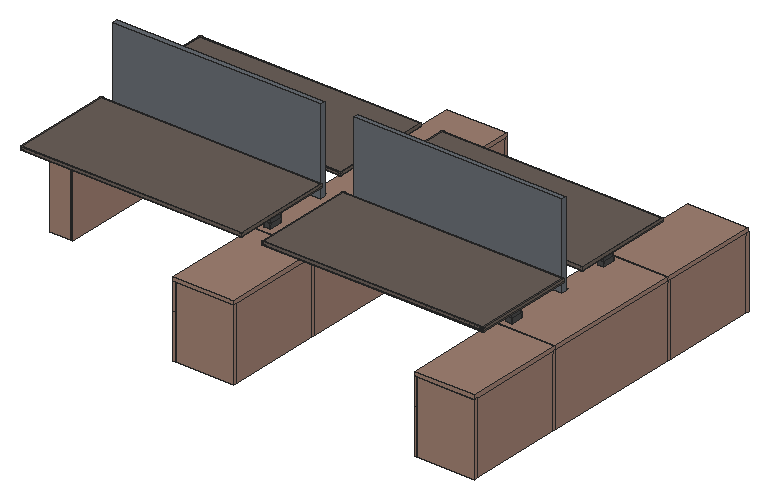
Revit family "T200195", category Furniture, Revit 2015 (continued)
Definition of nested family "STAKS HEIGHT ADJUSTABLE WORK GROUP PANEL BASE Dual User"
  Automatic sketch dimensions
    Extrusion 10 sketch curve to plane 16 = 0.125"  (x2)
    Extrusion 10 sketch curve to Extrusion 10 sketch curve = 3.50"
    Extrusion 10 sketch curve to Extrusion 10 sketch curve = 0.00"
    Extrusion 10 sketch curve to Extrusion 10 sketch curve = 0.125"
    Extrusion 11 sketch curve to plane 14 = 0.1875"
    Extrusion 11 sketch curve to plane 16 = 3.625"
    Extrusion 11 sketch curve to plane 16 = 0.1875"  (x2)
    Extrusion 11 sketch curve to plane 14 = 1.875"
    Extrusion 11 sketch curve to Extrusion 11 sketch curve = 0.0625"  (x3)
    Revolve 12 sketch curve to level = 0.00"
    plane 16 to Revolve 12 sketch curve = 0.00"
    Revolve 12 sketch curve to plane 12 = 0.00"  (x2)
    level to Revolve 12 sketch curve = 0.12502"
    Revolve 12 sketch curve to Revolve 12 sketch curve = 0.06202"
    Revolve 12 sketch curve to Revolve 12 sketch curve = 0.12498"
    Revolve 12 sketch curve to plane 16 = 0.188"  (x2)
    plane 12 to Revolve 12 sketch curve = 0.25"
    Revolve 13 sketch curve to level = 0.00"
    plane 15 to Revolve 13 sketch curve = 0.00"
    Revolve 13 sketch curve to plane 12 = 0.00"  (x2)
    level to Revolve 13 sketch curve = 0.25"
    Revolve 13 sketch curve to Revolve 13 sketch curve = 0.06202"
    Revolve 13 sketch curve to Revolve 13 sketch curve = 0.12498"
    plane 15 to Revolve 13 sketch curve = 0.188"  (x2)
    plane 12 to Revolve 13 sketch curve = 0.25"
    plane 14 to Extrusion 14 sketch curve = 0.00"
    Extrusion 14 sketch curve to plane 15 = 0.00"
    Extrusion 14 sketch curve to plane 14 = 0.125"  (x2)
    plane 15 to Extrusion 14 sketch curve = 0.125"
    Extrusion 14 sketch curve to Extrusion 14 sketch curve = 3.50"
    Extrusion 14 sketch curve to Extrusion 14 sketch curve = 0.00"
    Extrusion 14 sketch curve to Extrusion 14 sketch curve = 1.75"
    Extrusion 15 sketch curve to plane 14 = 0.1875"
    plane 15 to Extrusion 15 sketch curve = 3.625"
    Extrusion 15 sketch curve to plane 14 = 0.125"
    Extrusion 15 sketch curve to Extrusion 15 sketch curve = 0.0625"  (x2)
    plane 15 to Extrusion 15 sketch curve = 0.1875"  (x2)
    Extrusion 15 sketch curve to Extrusion 15 sketch curve = 1.625"
    Extrusion 16 sketch curve to plane 16 = 0.00"  (x2)
    plane 17 to Extrusion 16 sketch curve = 3.375"
    Extrusion 16 sketch curve to Extrusion 16 sketch curve = 0.125"  (x2)
    Extrusion 16 sketch curve to plane 14 = 2.125"
    Extrusion 16 sketch curve to Extrusion 16 sketch curve = 3.75"
    Extrusion 16 sketch curve to plane 16 = 3.75"
    Blend 17 sketch curve to plane 16 = 0.125"
    plane 17 to Blend 17 sketch curve = 2.125"
    Blend 17 sketch curve to Blend 17 sketch curve = 0.125"  (x4)
    Blend 17 sketch curve to Blend 17 sketch curve = 3.25"
    Blend 17 sketch curve to Blend 17 sketch curve = 0.00"
    Blend 17 sketch curve to plane 14 = 1.75"
    Blend 17 sketch curve to plane 16 = 0.00"  (x2)
    plane 17 to Blend 17 sketch curve = 3.375"
    plane 16 to Blend 17 sketch curve = 0.125"
    Blend 17 sketch curve to Blend 17 sketch curve = 3.75"
    Blend 17 sketch curve to plane 16 = 3.75"
    Blend 17 sketch curve to plane 14 = 2.00"
    Extrusion 18 sketch curve to plane 15 = 0.00"  (x2)
    Extrusion 18 sketch curve to plane 17 = 3.375"
    Extrusion 18 sketch curve to Extrusion 18 sketch curve = 0.125"  (x2)
    plane 14 to Extrusion 18 sketch curve = 2.125"
    Extrusion 18 sketch curve to plane 15 = 3.75"  (x2)
    Blend 19 sketch curve to plane 15 = 0.125"
    Blend 19 sketch curve to plane 17 = 2.125"
    Blend 19 sketch curve to Blend 19 sketch curve = 0.125"  (x5)
    Blend 19 sketch curve to Blend 19 sketch curve = 3.25"
    Blend 19 sketch curve to Blend 19 sketch curve = 0.00"
    plane 14 to Blend 19 sketch curve = 1.75"
    Blend 19 sketch curve to plane 15 = 0.00"  (x2)
    Blend 19 sketch curve to plane 17 = 3.375"
    Blend 19 sketch curve to plane 15 = 3.75"  (x2)
    plane 14 to Blend 19 sketch curve = 2.00"
Definition of nested family "STAKS HEIGHT ADJUSTABLE WORK GROUP CABINET Dual User"
  Parameters (values of type "STAKS HEIGHT ADJUSTABLE WORK GROUP CABINET Dual User")
    Width = 42.00"
    URL = "http://ofs.com"
    Top Material = none
    Top Board Back Offset = 0.00"
    Table Height [instance] = 27.75"
    Depth = 18.00"
    Column Plate Thickness = 2.00"
    Column Material = none
    Box Width = 7.00"
    Board Thick Top = 1.125"
    Board Thick Door = 0.75"
    Board Material = none
    Model = "6-4218HAWC3"
    Manufacturer = "OFS"
    Leg Caps Material = none
    Leg Offset = 2.00"
    Board Thick Internal = 0.75"
    Height = 23.00"
    Description = "OFS STAKS HEIGHT ADJUSTABLE CABINET Dual User (Two Lifting Columns)"
    Copyright © = "© OFS 2018"
    Catalog = "https://ofs.com/products/open-plan/benching/staks"
    Bottom Board Offset = 0.50"
    Board Thick Bot = 1.00"
    Board Thick Sides = 0.75"
    Board Thick Front = 0.75"
    Board Thick Back = 0.75"
    Authoring Version = "Autodesk Revit Architecture 2013"
    Assembly Code = "E2020200"
  Reference planes (in)
    plane 1 "Center Front/Back": y = 0
    plane 2: z = 0
    plane 3 "Center Left/Right": x = 0
    plane 4 "Left End": x = -21
    plane 5 "Front End": y = -17.25
    plane 6 "Right End": x = 21
    plane 7 "Back End": y = 0
    plane 8 "Height Top": z = 23
    plane 9: x = -20.25
    plane 10: x = 20.25
    plane 11: z = 21.875
    plane 12: z = 0.5
    plane 13: z = 1.5
    plane 14: y = -16.5
    plane 15: x = 19
    plane 16: x = -19
    plane 17: y = -18
    plane 18: y = -0.75
    plane 19: y = 0
    plane 20: x = -4.25
    plane 21: x = -3.5
    plane 22: x = 4.25
    plane 23: x = 3.5
    plane 24: z = 27.75
    plane 25: z = 25.75
    plane 26: z = 24.375
    plane 27: z = 26.75
  Forms (in)
    Extrusion 1, solid, material <- "Board Material"
      sketch origin (0, 0, 0) x (1, 0, 0) y (0, 1, 0)
        loop
          line (-21, -0.75) -> (-21, -17.25) -> (-20.25, -17.25) -> (-20.25, -0.75) -> (-21, -0.75)
      from 0.5 to 21.875
    Extrusion 2, solid, material <- "Board Material"
      sketch origin (0, 0, 0) x (-1, 0, 0) y (0, -1, 0)
        loop
          line (-21, 0.75) -> (-20.25, 0.75) -> (-20.25, 17.25) -> (-21, 17.25) -> (-21, 0.75)
      from 0.5 to 21.875
    Extrusion 3, solid, material <- "Board Material"
      sketch origin (0, 0, 0) x (1, 0, 0) y (0, 1, 0)
        loop
          line (-20.25, -0.75) -> (-20.25, -17.25) -> (20.25, -17.25) -> (20.25, -0.75) -> (-20.25, -0.75)
      from 0.5 to 1.5
    Extrusion 4, solid, material <- "Top Material"
      sketch origin (0, 0, 0) x (1, 0, 0) y (0, 1, 0)
        loop
          line (-21, 0) -> (-21, -18) -> (21, -18) -> (21, 0) -> (-21, 0)
      from 21.875 to 23
    Extrusion 5, solid, material <- "Board Material"
      sketch origin (0, 0, 0) x (1, 0, 0) y (0, 1, 0)
        loop
          line (-4.25, -0.75) -> (-4.25, -17.25) -> (-3.5, -17.25) -> (-3.5, -0.75) -> (-4.25, -0.75)
      from 1.5 to 21.875
    Extrusion 6, solid, material <- "Board Material"
      sketch origin (0, 27.875, 0) x (1, 0, 0) y (0, 1, 0)
        loop
          line (-21, -27.875) -> (-21, -28.625) -> (21, -28.625) -> (21, -27.875) -> (-21, -27.875)
      from 0.5 to 21.875
    Extrusion 7, solid, material <- "Board Material"
      sketch origin (0, 0, 0) x (1, 0, 0) y (0, 1, 0)
        loop
          line (21, -17.25) -> (-21, -17.25) -> (-21, -18) -> (21, -18) -> (21, -17.25)
      from 0.5 to 21.875
    Extrusion 8, solid, material <- "Board Material"
      sketch origin (0, 0, 0) x (-1, 0, 0) y (0, -1, 0)
        loop
          line (-4.25, 0.75) -> (-3.5, 0.75) -> (-3.5, 17.25) -> (-4.25, 17.25) -> (-4.25, 0.75)
      from 1.5 to 21.875
    Extrusion 9, void
      sketch origin (0, 0, 0) x (1, 0, 0) y (0, 0, 1)
        loop
          line (3.5, 21.875) -> (-3.5, 21.875)
          arc (-3.5, 21.875) -> (0, 20.04736) -> (3.5, 21.875) r 4.26514
      from 0 to 18
    Extrusion 10, solid, material <- "Column Material"
      sketch origin (7.27539, 70.81173, 0) x (-1, 0, 0) y (0, -1, 0)
        loop
          arc (26.15039, 85.31173) -> (26.23878, 85.34834) -> (26.27539, 85.43673) r 0.125
          line (26.27539, 85.43673) -> (26.27539, 87.18673)
          arc (26.27539, 87.18673) -> (26.23878, 87.27512) -> (26.15039, 87.31173) r 0.125
          line (26.15039, 87.31173) -> (22.65039, 87.31173)
          arc (22.65039, 87.31173) -> (22.562, 87.27512) -> (22.52539, 87.18673) r 0.125
          line (22.52539, 87.18673) -> (22.52539, 85.43673)
          arc (22.52539, 85.43673) -> (22.562, 85.34834) -> (22.65039, 85.31173) r 0.125
          line (22.65039, 85.31173) -> (26.15039, 85.31173)
      from 23 to 24.375
    Extrusion 11, solid, material <- "Column Material"
      sketch origin (7.27539, 70.81173, 0) x (-1, 0, 0) y (0, -1, 0)
        loop
          line (22.71289, 85.43673) -> (26.08789, 85.43673)
          arc (26.08789, 85.43673) -> (26.13208, 85.45504) -> (26.15039, 85.49923) r 0.0625
          line (26.15039, 85.49923) -> (26.15039, 87.12423)
          arc (26.15039, 87.12423) -> (26.13208, 87.16843) -> (26.08789, 87.18673) r 0.0625
          line (26.08789, 87.18673) -> (22.71289, 87.18673)
          arc (22.71289, 87.18673) -> (22.66869, 87.16843) -> (22.65039, 87.12423) r 0.0625
          line (22.65039, 87.12423) -> (22.65039, 85.49923)
          arc (22.65039, 85.49923) -> (22.66869, 85.45504) -> (22.71289, 85.43673) r 0.0625
      from 24.375 to 25.75
    Revolve 12, solid, material <- "Leg Caps Material"
      sketch origin (7.02629, -3.5, 0) x (1, 0, 0) y (0, 0, 1)
        loop
          line (-26.02629, 0.5) -> (-26.02629, 0.25) -> (-26.08831, 0.25)
          arc (-26.08831, 0.25) -> (-26.17668, 0.2134) -> (-26.21329, 0.12502) r 0.12498
          line (-26.21329, 0.12502) -> (-26.21329, 0) -> (-25.83829, 0) -> (-25.83829, 0.5) -> (-26.02629, 0.5)
        axis (-25.83829, 0) -> (-25.83829, 0.5)
      angle from 0 to 360
    Revolve 13, solid, material <- "Leg Caps Material"
      sketch origin (-7.02629, -3.5, 0) x (-1, 0, 0) y (0, 0, -1)
        loop
          line (-26.02629, -0.5) -> (-25.83829, -0.5) -> (-25.83829, 0) -> (-26.21329, 0) -> (-26.21329, -0.12502)
          arc (-26.21329, -0.12502) -> (-26.17668, -0.2134) -> (-26.08831, -0.25) r 0.12498
          line (-26.08831, -0.25) -> (-26.02629, -0.25) -> (-26.02629, -0.5)
        axis (-25.83829, 0) -> (-25.83829, -0.5)
      angle from 0 to 360
    Extrusion 14, solid, material <- "Column Material"
      sketch origin (-7.27539, 70.81173, 0) x (1, 0, 0) y (0, 1, 0)
        loop
          line (26.15039, -85.31173) -> (22.65039, -85.31173)
          arc (22.65039, -85.31173) -> (22.562, -85.34834) -> (22.52539, -85.43673) r 0.125
          line (22.52539, -85.43673) -> (22.52539, -87.18673)
          arc (22.52539, -87.18673) -> (22.562, -87.27512) -> (22.65039, -87.31173) r 0.125
          line (22.65039, -87.31173) -> (26.15039, -87.31173)
          arc (26.15039, -87.31173) -> (26.23878, -87.27512) -> (26.27539, -87.18673) r 0.125
          line (26.27539, -87.18673) -> (26.27539, -85.43673)
          arc (26.27539, -85.43673) -> (26.23878, -85.34834) -> (26.15039, -85.31173) r 0.125
      from 23 to 24.375
    Extrusion 15, solid, material <- "Column Material"
      sketch origin (-7.27539, 70.81173, 0) x (1, 0, 0) y (0, 1, 0)
        loop
          arc (22.71289, -85.43673) -> (22.66869, -85.45504) -> (22.65039, -85.49923) r 0.0625
          line (22.65039, -85.49923) -> (22.65039, -87.12423)
          arc (22.65039, -87.12423) -> (22.66869, -87.16843) -> (22.71289, -87.18673) r 0.0625
          line (22.71289, -87.18673) -> (26.08789, -87.18673)
          arc (26.08789, -87.18673) -> (26.13208, -87.16843) -> (26.15039, -87.12423) r 0.0625
          line (26.15039, -87.12423) -> (26.15039, -85.49923)
          arc (26.15039, -85.49923) -> (26.13208, -85.45504) -> (26.08789, -85.43673) r 0.0625
          line (26.08789, -85.43673) -> (22.71289, -85.43673)
      from 24.375 to 25.75
    Extrusion 16, solid, material <- "Column Material"
      sketch origin (0, 0, 0) x (1, 0, 0) y (0, 1, 0)
        loop
          line (-15.25, -14.375) -> (-19, -14.375)
          arc (-19, -14.375) -> (-19.08839, -14.41161) -> (-19.125, -14.5) r 0.125
          line (-19.125, -14.5) -> (-19.125, -21.25)
          arc (-19.125, -21.25) -> (-19.08839, -21.33839) -> (-19, -21.375) r 0.125
          line (-19, -21.375) -> (-15.25, -21.375)
          arc (-15.25, -21.375) -> (-15.16161, -21.33839) -> (-15.125, -21.25) r 0.125
          line (-15.125, -21.25) -> (-15.125, -14.5)
          arc (-15.125, -14.5) -> (-15.16161, -14.41161) -> (-15.25, -14.375) r 0.125
      from 26.75 to 27.75
    Blend 17, solid, material <- "Column Material"
      base sketch origin (0, 0, 0) x (1, 0, 0) y (0, 1, 0)
        loop
          line (-15.375, -20) -> (-15.375, -14.75)
          arc (-15.375, -14.75) -> (-15.41161, -14.66161) -> (-15.5, -14.625) r 0.125
          line (-15.5, -14.625) -> (-18.75, -14.625)
          arc (-18.75, -14.625) -> (-18.83839, -14.66161) -> (-18.875, -14.75) r 0.125
          line (-18.875, -14.75) -> (-18.875, -20)
          arc (-18.875, -20) -> (-18.83839, -20.08839) -> (-18.75, -20.125) r 0.125
          line (-18.75, -20.125) -> (-15.5, -20.125)
          arc (-15.5, -20.125) -> (-15.41161, -20.08839) -> (-15.375, -20) r 0.125
      top sketch origin (0, 0, 0) x (1, 0, 0) y (0, 1, 0)
        loop
          line (-15.125, -21.25) -> (-15.125, -14.5)
          arc (-15.125, -14.5) -> (-15.16161, -14.41161) -> (-15.25, -14.375) r 0.125
          line (-15.25, -14.375) -> (-19, -14.375)
          arc (-19, -14.375) -> (-19.08839, -14.41161) -> (-19.125, -14.5) r 0.125
          line (-19.125, -14.5) -> (-19.125, -21.25)
          arc (-19.125, -21.25) -> (-19.08839, -21.33839) -> (-19, -21.375) r 0.125
          line (-19, -21.375) -> (-15.25, -21.375)
          arc (-15.25, -21.375) -> (-15.16161, -21.33839) -> (-15.125, -21.25) r 0.125
      from 25.75 to 26.75
    Extrusion 18, solid, material <- "Column Material"
      sketch origin (0, 0, 0) x (-1, 0, 0) y (0, -1, 0)
        loop
          arc (-15.25, 14.375) -> (-15.16161, 14.41161) -> (-15.125, 14.5) r 0.125
          line (-15.125, 14.5) -> (-15.125, 21.25)
          arc (-15.125, 21.25) -> (-15.16161, 21.33839) -> (-15.25, 21.375) r 0.125
          line (-15.25, 21.375) -> (-19, 21.375)
          arc (-19, 21.375) -> (-19.08839, 21.33839) -> (-19.125, 21.25) r 0.125
          line (-19.125, 21.25) -> (-19.125, 14.5)
          arc (-19.125, 14.5) -> (-19.08839, 14.41161) -> (-19, 14.375) r 0.125
          line (-19, 14.375) -> (-15.25, 14.375)
      from 26.75 to 27.75
    Blend 19, solid, material <- "Column Material"
      base sketch origin (0, 0, 0) x (-1, 0, 0) y (0, -1, 0)
        loop
          arc (-15.375, 20) -> (-15.41161, 20.08839) -> (-15.5, 20.125) r 0.125
          line (-15.5, 20.125) -> (-18.75, 20.125)
          arc (-18.75, 20.125) -> (-18.83839, 20.08839) -> (-18.875, 20) r 0.125
          line (-18.875, 20) -> (-18.875, 14.75)
          arc (-18.875, 14.75) -> (-18.83839, 14.66161) -> (-18.75, 14.625) r 0.125
          line (-18.75, 14.625) -> (-15.5, 14.625)
          arc (-15.5, 14.625) -> (-15.41161, 14.66161) -> (-15.375, 14.75) r 0.125
          line (-15.375, 14.75) -> (-15.375, 20)
      top sketch origin (0, 0, 0) x (-1, 0, 0) y (0, -1, 0)
        loop
          arc (-15.125, 21.25) -> (-15.16161, 21.33839) -> (-15.25, 21.375) r 0.125
          line (-15.25, 21.375) -> (-19, 21.375)
          arc (-19, 21.375) -> (-19.08839, 21.33839) -> (-19.125, 21.25) r 0.125
          line (-19.125, 21.25) -> (-19.125, 14.5)
          arc (-19.125, 14.5) -> (-19.08839, 14.41161) -> (-19, 14.375) r 0.125
          line (-19, 14.375) -> (-15.25, 14.375)
          arc (-15.25, 14.375) -> (-15.16161, 14.41161) -> (-15.125, 14.5) r 0.125
          line (-15.125, 14.5) -> (-15.125, 21.25)
      from 25.75 to 26.75
    Revolve 20, solid, material <- "Leg Caps Material"
      sketch origin (7.02629, -14.5, 0) x (1, 0, 0) y (0, 0, -1)
        loop
          line (-26.02629, -0.5) -> (-25.83829, -0.5) -> (-25.83829, 0) -> (-26.21329, 0) -> (-26.21329, -0.12502)
          arc (-26.21329, -0.12502) -> (-26.17668, -0.2134) -> (-26.08831, -0.25) r 0.12498
          line (-26.08831, -0.25) -> (-26.02629, -0.25) -> (-26.02629, -0.5)
        axis (-25.83829, 0) -> (-25.83829, -0.5)
      angle from 0 to 360
    Revolve 21, solid, material <- "Leg Caps Material"
      sketch origin (-7.02629, -14.5, 0) x (-1, 0, 0) y (0, 0, 1)
        loop
          line (-26.02629, 0.5) -> (-26.02629, 0.25) -> (-26.08831, 0.25)
          arc (-26.08831, 0.25) -> (-26.17668, 0.2134) -> (-26.21329, 0.12502) r 0.12498
          line (-26.21329, 0.12502) -> (-26.21329, 0) -> (-25.83829, 0) -> (-25.83829, 0.5) -> (-26.02629, 0.5)
        axis (-25.83829, 0) -> (-25.83829, 0.5)
      angle from 0 to 360
  Cuts and joins
    Extrusion 9 cuts Extrusion 7
  Dimensions and locks (in)
    equal spacing: plane 4 "Left End", plane 3 "Center Left/Right", plane 6 "Right End"
    "Width": plane 4 "Left End" to plane 6 "Right End"
    "Height": plane 8 "Height Top" to level
    "Board Thick Sides": plane 4 "Left End" to plane 9
    "Board Thick Sides": plane 10 to plane 6 "Right End"
    "Board Thick Top": plane 8 "Height Top" to plane 11
    "Board Thick Bot": plane 13 to plane 12
    "Bottom Board Offset": plane 12 to level
    "Board Thick Front": plane 14 to plane 5 "Front End"
    "Leg Offset": plane 15 to plane 6 "Right End"
    "Leg Offset": plane 4 "Left End" to plane 16
    "Board Thick Door": plane 17 to plane 5 "Front End"
    "Board Thick Back": plane 18 to plane 1 "Center Front/Back"
    "Depth": plane 17 to plane 1 "Center Front/Back"
    "Top Board Back Offset": plane 19 to plane 7 "Back End"
    equal spacing: plane 21, plane 3 "Center Left/Right", plane 23
    "Box Width": plane 21 to plane 23
    "Board Thick Internal": plane 23 to plane 22
    "Board Thick Internal": plane 20 to plane 21
    "Table Height": plane 24 to level
    "Column Plate Thickness": plane 24 to plane 25
    equal spacing: plane 25, plane 26, plane 8 "Height Top"
    equal spacing: plane 24, plane 27, plane 25
    aligned and locked: level to plane 2
    aligned and locked: plane 4 "Left End" to Extrusion 1 sketch curve
    aligned and locked: Extrusion 1 sketch curve to plane 9
    aligned and locked: plane 10 to Extrusion 2
    aligned and locked: Extrusion 2 to plane 6 "Right End"
    aligned and locked: plane 12 to Extrusion 2
    aligned and locked: plane 10 to Extrusion 3 sketch curve
    aligned and locked: Extrusion 3 sketch curve to plane 9
    aligned and locked: Extrusion 6 to plane 12
    aligned and locked: Extrusion 3 to plane 13
    aligned and locked: Extrusion 3 to plane 12
    aligned and locked: Extrusion 6 to plane 11
    aligned and locked: Extrusion 2 to plane 11
    aligned and locked: Extrusion 4 to plane 17
    aligned and locked: Extrusion 4 to plane 6 "Right End"
    aligned and locked: Extrusion 4 to plane 4 "Left End"
    aligned and locked: plane 8 "Height Top" to Extrusion 4
    aligned and locked: Extrusion 4 to plane 11
    aligned and locked: Extrusion 7 to plane 11
    aligned and locked: Extrusion 6 to plane 18
    aligned and locked: Extrusion 6 to plane 1 "Center Front/Back"
    aligned and locked: Extrusion 4 to plane 19
    aligned and locked: Extrusion 3 to plane 18
    aligned and locked: plane 11 to Extrusion 8
    aligned and locked: Extrusion 8 to plane 13
    aligned and locked: Extrusion 4 to Extrusion 9
    aligned and locked: Extrusion 6 to Extrusion 9
    aligned and locked: Extrusion 9 to Extrusion 2
    aligned and locked: plane 23 to Extrusion 8
    aligned and locked: Extrusion 8 to plane 22
    aligned and locked: Extrusion 5 to plane 20
    aligned and locked: cut or joined group of Extrusion 7, Extrusion 9 to plane 12
    aligned and locked: plane 25 to Extrusion 11
    aligned and locked: plane 26 to Extrusion 10
    aligned and locked: Extrusion 11 to plane 26
    aligned and locked: plane 11 to Extrusion 1
    aligned and locked: plane 11 to Extrusion 5
    aligned and locked: Extrusion 1 to plane 5 "Front End"
    aligned and locked: Extrusion 2 to plane 5 "Front End"
    aligned and locked: cut or joined group of Extrusion 7, Extrusion 9 to plane 4 "Left End"
    aligned and locked: cut or joined group of Extrusion 7, Extrusion 9 to plane 6 "Right End"
    aligned and locked: Extrusion 1 to plane 12
    aligned and locked: plane 16 to Revolve 12
    aligned and locked: plane 15 to Revolve 13
    aligned and locked: Extrusion 5 to plane 13
    aligned and locked: Extrusion 10 to plane 8 "Height Top"
    aligned and locked: Extrusion 14 to plane 8 "Height Top"
    aligned and locked: Extrusion 15 to plane 25
    aligned and locked: Extrusion 14 to plane 26
    aligned and locked: plane 26 to Extrusion 15
    aligned and locked: plane 24 to Extrusion 16
    aligned and locked: Extrusion 16 to plane 27
    aligned and locked: Blend 17 to plane 25
    aligned and locked: plane 27 to Blend 17
    aligned and locked: Extrusion 18 to plane 24
    aligned and locked: Blend 19 to plane 27
    aligned and locked: plane 27 to Extrusion 18
    aligned and locked: plane 25 to Blend 19
    aligned and locked: Extrusion 6 to plane 4 "Left End"
    aligned and locked: Extrusion 6 to plane 6 "Right End"
    aligned and locked: plane 18 to Extrusion 2
    aligned and locked: plane 18 to Extrusion 1
  Automatic sketch dimensions
    Extrusion 1 sketch curve to plane 5 "Front End" = 0.00"
    plane 1 "Center Front/Back" to Extrusion 1 sketch curve = 0.75"
    Extrusion 2 sketch curve to plane 5 "Front End" = 0.00"
    Extrusion 2 sketch curve to plane 6 "Right End" = 0.00"
    Extrusion 2 sketch curve to plane 10 = 0.00"
    Extrusion 2 sketch curve to plane 1 "Center Front/Back" = 0.75"
    Extrusion 3 sketch curve to plane 5 "Front End" = 0.00"
    Extrusion 3 sketch curve to plane 18 = 0.00"
    Extrusion 4 sketch curve to plane 4 "Left End" = 0.00"
    Extrusion 4 sketch curve to plane 6 "Right End" = 0.00"
    Extrusion 4 sketch curve to plane 17 = 0.00"
    plane 1 "Center Front/Back" to Extrusion 4 sketch curve = 0.00"
    Extrusion 5 sketch curve to plane 5 "Front End" = 0.00"
    Extrusion 5 sketch curve to plane 20 = 0.00"
    Extrusion 5 sketch curve to plane 21 = 0.00"
    Extrusion 5 sketch curve to plane 18 = 0.00"
    Extrusion 6 sketch curve to plane 9 = 0.75"
    Extrusion 6 sketch curve to plane 10 = 0.75"
    Extrusion 6 sketch curve to plane 18 = 0.00"
    plane 1 "Center Front/Back" to Extrusion 6 sketch curve = 0.00"
    Extrusion 7 sketch curve to plane 4 "Left End" = 0.00"
    Extrusion 7 sketch curve to plane 6 "Right End" = 0.00"
    plane 17 to Extrusion 7 sketch curve = 0.00"
    Extrusion 7 sketch curve to plane 5 "Front End" = 0.00"
    Extrusion 8 sketch curve to plane 5 "Front End" = 0.00"
    Extrusion 8 sketch curve to plane 22 = 0.00"
    Extrusion 8 sketch curve to plane 23 = 0.00"
    Extrusion 8 sketch curve to plane 18 = 0.00"
    Extrusion 9 sketch curve to plane 11 = 0.00"
    Extrusion 9 sketch curve to plane 21 = 0.00"
    plane 23 to Extrusion 9 sketch curve = 0.00"
    plane 8 "Height Top" to Extrusion 9 sketch curve = 1.3125"
    Extrusion 10 sketch curve to plane 14 = 0.00"
    Extrusion 10 sketch curve to plane 16 = 0.00"
    Extrusion 10 sketch curve to plane 14 = 2.00"
    Extrusion 10 sketch curve to plane 16 = 0.125"  (x2)
    Extrusion 10 sketch curve to Extrusion 10 sketch curve = 3.50"
    Extrusion 10 sketch curve to Extrusion 10 sketch curve = 0.00"
    Extrusion 10 sketch curve to Extrusion 10 sketch curve = 0.125"
    Extrusion 11 sketch curve to plane 14 = 0.1875"
    Extrusion 11 sketch curve to plane 16 = 3.625"
    Extrusion 11 sketch curve to plane 16 = 0.1875"  (x2)
    Extrusion 11 sketch curve to plane 14 = 1.875"
    Extrusion 11 sketch curve to Extrusion 11 sketch curve = 0.0625"  (x3)
    Revolve 12 sketch curve to level = 0.00"
    plane 16 to Revolve 12 sketch curve = 0.00"
    Revolve 12 sketch curve to plane 12 = 0.00"  (x2)
    level to Revolve 12 sketch curve = 0.12502"
    Revolve 12 sketch curve to Revolve 12 sketch curve = 0.06202"
    Revolve 12 sketch curve to Revolve 12 sketch curve = 0.12498"
    Revolve 12 sketch curve to plane 16 = 0.188"  (x2)
    plane 12 to Revolve 12 sketch curve = 0.25"
    Revolve 13 sketch curve to level = 0.00"
    plane 15 to Revolve 13 sketch curve = 0.00"
    Revolve 13 sketch curve to plane 12 = 0.00"  (x2)
    level to Revolve 13 sketch curve = 0.25"
    Revolve 13 sketch curve to Revolve 13 sketch curve = 0.06202"
    Revolve 13 sketch curve to Revolve 13 sketch curve = 0.12498"
    plane 15 to Revolve 13 sketch curve = 0.188"  (x2)
    plane 12 to Revolve 13 sketch curve = 0.25"
    plane 14 to Extrusion 14 sketch curve = 0.00"
    Extrusion 14 sketch curve to plane 15 = 0.00"
    Extrusion 14 sketch curve to plane 14 = 0.125"
    plane 15 to Extrusion 14 sketch curve = 0.125"
    Extrusion 14 sketch curve to Extrusion 14 sketch curve = 3.50"
    Extrusion 14 sketch curve to Extrusion 14 sketch curve = 0.00"
    Extrusion 14 sketch curve to Extrusion 14 sketch curve = 0.125"
    Extrusion 14 sketch curve to Extrusion 14 sketch curve = 1.75"
    Extrusion 15 sketch curve to plane 14 = 0.1875"
    plane 15 to Extrusion 15 sketch curve = 3.625"
    Extrusion 15 sketch curve to plane 14 = 0.125"
    Extrusion 15 sketch curve to Extrusion 15 sketch curve = 0.0625"  (x2)
    plane 15 to Extrusion 15 sketch curve = 0.1875"  (x2)
    Extrusion 15 sketch curve to Extrusion 15 sketch curve = 1.625"
    Extrusion 16 sketch curve to plane 16 = 0.00"  (x2)
    plane 17 to Extrusion 16 sketch curve = 3.375"
    plane 16 to Extrusion 16 sketch curve = 0.125"
    Extrusion 16 sketch curve to plane 14 = 2.125"
    Extrusion 16 sketch curve to Extrusion 16 sketch curve = 3.75"  (x2)
    Extrusion 16 sketch curve to Extrusion 16 sketch curve = 0.125"
    Blend 17 sketch curve to plane 16 = 0.125"
    plane 17 to Blend 17 sketch curve = 2.125"
    Blend 17 sketch curve to Blend 17 sketch curve = 0.125"  (x4)
    Blend 17 sketch curve to Blend 17 sketch curve = 3.25"
    Blend 17 sketch curve to Blend 17 sketch curve = 0.00"
    Blend 17 sketch curve to plane 14 = 1.75"
    Blend 17 sketch curve to plane 16 = 0.00"  (x2)
    plane 17 to Blend 17 sketch curve = 3.375"
    plane 16 to Blend 17 sketch curve = 0.125"
    Blend 17 sketch curve to Blend 17 sketch curve = 3.75"  (x2)
    Blend 17 sketch curve to plane 14 = 2.00"
    Extrusion 18 sketch curve to plane 15 = 0.00"  (x2)
    Extrusion 18 sketch curve to plane 17 = 3.375"
    plane 15 to Extrusion 18 sketch curve = 0.125"
    plane 14 to Extrusion 18 sketch curve = 2.125"
    Extrusion 18 sketch curve to Extrusion 18 sketch curve = 3.75"  (x2)
    Extrusion 18 sketch curve to Extrusion 18 sketch curve = 0.125"
    Blend 19 sketch curve to plane 15 = 0.125"
    Blend 19 sketch curve to plane 17 = 2.125"
    Blend 19 sketch curve to Blend 19 sketch curve = 0.125"  (x4)
    Blend 19 sketch curve to Blend 19 sketch curve = 3.25"
    Blend 19 sketch curve to Blend 19 sketch curve = 0.00"
    plane 14 to Blend 19 sketch curve = 1.75"
    Blend 19 sketch curve to plane 15 = 0.00"  (x2)
    Blend 19 sketch curve to plane 17 = 3.375"
    plane 15 to Blend 19 sketch curve = 0.125"
    Blend 19 sketch curve to Blend 19 sketch curve = 3.75"  (x2)
    plane 14 to Blend 19 sketch curve = 2.00"
    Revolve 20 sketch curve to level = 0.00"
    plane 16 to Revolve 20 sketch curve = 0.00"
    Revolve 20 sketch curve to plane 12 = 0.00"  (x2)
    level to Revolve 20 sketch curve = 0.25"
    Revolve 20 sketch curve to Revolve 20 sketch curve = 0.06202"
    Revolve 20 sketch curve to Revolve 20 sketch curve = 0.12498"
    Revolve 20 sketch curve to plane 16 = 0.188"  (x2)
    plane 12 to Revolve 20 sketch curve = 0.25"
    Revolve 21 sketch curve to level = 0.00"
    plane 15 to Revolve 21 sketch curve = 0.00"
    Revolve 21 sketch curve to plane 12 = 0.00"  (x2)
    level to Revolve 21 sketch curve = 0.12502"
    Revolve 21 sketch curve to plane 15 = 0.06202"
    Revolve 21 sketch curve to Revolve 21 sketch curve = 0.12498"
    plane 15 to Revolve 21 sketch curve = 0.188"  (x2)
    plane 12 to Revolve 21 sketch curve = 0.25"
Definition of nested family "STAKS HEIGHT ADJUSTABLE WORK GROUP CABINET Double Sided Dual User"
  Parameters (values of type "STAKS HEIGHT ADJUSTABLE WORK GROUP CABINET Double Sided Dual User")
    Width = 42.00"
    URL = "http://ofs.com"
    Top Material = none
    Top Board Back Offset = 0.00"
    Table Height [instance] = 27.75"
    Depth = 18.00"
    Column Plate Thickness = 2.00"
    Column Material = none
    Box Width = 7.00"
    Board Thick Top = 1.125"
    Board Thick Door = 0.75"
    Board Material = none
    Model = "6-4218HAWC2"
    Manufacturer = "OFS"
    Leg Caps Material = none
    Leg Offset = 2.00"
    Board Thick Internal = 0.75"
    Height = 23.00"
    Description = "OFS STAKS HEIGHT ADJUSTABLE CABINET Double Sided Dual User (Four Lifting Columns)"
    Copyright © = "© OFS \"018"
    Catalog = "https://ofs.com/products/open-plan/benching/staks"
    Bottom Board Offset = 0.50"
    Board Thick Bot = 1.00"
    Board Thick Sides = 0.75"
    Board Thick Front = 0.75"
    Board Thick Back = 0.75"
    Authoring Version = "Autodesk Revit Architecture 2013"
    Assembly Code = "E2020200"
  Reference planes (in)
    plane 1 "Center Front/Back": y = 0
    plane 2: z = 0
    plane 3 "Center Left/Right": x = 0
    plane 4 "Left End": x = -21
    plane 5 "Front End": y = -17.25
    plane 6 "Right End": x = 21
    plane 7 "Back End": y = 0
    plane 8 "Height Top": z = 23
    plane 9: x = -20.25
    plane 10: x = 20.25
    plane 11: z = 21.875
    plane 12: z = 0.5
    plane 13: z = 1.5
    plane 14: y = -16.5
    plane 15: x = 19
    plane 16: x = -19
    plane 17: y = -18
    plane 18: y = -0.75
    plane 19: y = 0
    plane 20: x = -4.25
    plane 21: x = -3.5
    plane 22: x = 4.25
    plane 23: x = 3.5
    plane 24: z = 27.75
    plane 25: z = 25.75
    plane 26: z = 24.375
    plane 27: z = 26.75
  Forms (in)
    Extrusion 1, solid, material <- "Board Material"
      sketch origin (0, 0, 0) x (1, 0, 0) y (0, 1, 0)
        loop
          line (-21, -0.75) -> (-21, -17.25) -> (-20.25, -17.25) -> (-20.25, -0.75) -> (-21, -0.75)
      from 0.5 to 21.875
    Extrusion 2, solid, material <- "Board Material"
      sketch origin (0, 0, 0) x (-1, 0, 0) y (0, -1, 0)
        loop
          line (-21, 0.75) -> (-20.25, 0.75) -> (-20.25, 17.25) -> (-21, 17.25) -> (-21, 0.75)
      from 0.5 to 21.875
    Extrusion 3, solid, material <- "Board Material"
      sketch origin (0, 0, 0) x (1, 0, 0) y (0, 1, 0)
        loop
          line (-20.25, -0.75) -> (-20.25, -17.25) -> (20.25, -17.25) -> (20.25, -0.75) -> (-20.25, -0.75)
      from 0.5 to 1.5
    Extrusion 4, solid, material <- "Top Material"
      sketch origin (0, 0, 0) x (1, 0, 0) y (0, 1, 0)
        loop
          line (-21, 0) -> (-21, -18) -> (21, -18) -> (21, 0) -> (-21, 0)
      from 21.875 to 23
    Extrusion 5, solid, material <- "Board Material"
      sketch origin (0, 0, 0) x (1, 0, 0) y (0, 1, 0)
        loop
          line (-4.25, -0.75) -> (-4.25, -17.25) -> (-3.5, -17.25) -> (-3.5, -0.75) -> (-4.25, -0.75)
      from 1.5 to 21.875
    Extrusion 6, solid, material <- "Board Material"
      sketch origin (0, 27.875, 0) x (1, 0, 0) y (0, 1, 0)
        loop
          line (-21, -27.875) -> (-21, -28.625) -> (21, -28.625) -> (21, -27.875) -> (-21, -27.875)
      from 0.5 to 21.875
    Extrusion 7, solid, material <- "Board Material"
      sketch origin (0, 0, 0) x (1, 0, 0) y (0, 1, 0)
        loop
          line (21, -17.25) -> (-21, -17.25) -> (-21, -18) -> (21, -18) -> (21, -17.25)
      from 0.5 to 21.875
    Extrusion 8, solid, material <- "Board Material"
      sketch origin (0, 0, 0) x (-1, 0, 0) y (0, -1, 0)
        loop
          line (-4.25, 0.75) -> (-3.5, 0.75) -> (-3.5, 17.25) -> (-4.25, 17.25) -> (-4.25, 0.75)
      from 1.5 to 21.875
    Extrusion 9, void
      sketch origin (0, 0, 0) x (1, 0, 0) y (0, 0, 1)
        loop
          line (3.5, 21.875) -> (-3.5, 21.875)
          arc (-3.5, 21.875) -> (0, 20.04736) -> (3.5, 21.875) r 4.26514
      from 0 to 18
    Extrusion 10, solid, material <- "Column Material"
      sketch origin (7.27539, 70.81173, 0) x (-1, 0, 0) y (0, -1, 0)
        loop
          arc (26.15039, 85.31173) -> (26.23878, 85.34834) -> (26.27539, 85.43673) r 0.125
          line (26.27539, 85.43673) -> (26.27539, 87.18673)
          arc (26.27539, 87.18673) -> (26.23878, 87.27512) -> (26.15039, 87.31173) r 0.125
          line (26.15039, 87.31173) -> (22.65039, 87.31173)
          arc (22.65039, 87.31173) -> (22.562, 87.27512) -> (22.52539, 87.18673) r 0.125
          line (22.52539, 87.18673) -> (22.52539, 85.43673)
          arc (22.52539, 85.43673) -> (22.562, 85.34834) -> (22.65039, 85.31173) r 0.125
          line (22.65039, 85.31173) -> (26.15039, 85.31173)
      from 23 to 24.375
    Extrusion 11, solid, material <- "Column Material"
      sketch origin (7.27539, 70.81173, 0) x (-1, 0, 0) y (0, -1, 0)
        loop
          line (22.71289, 85.43673) -> (26.08789, 85.43673)
          arc (26.08789, 85.43673) -> (26.13208, 85.45504) -> (26.15039, 85.49923) r 0.0625
          line (26.15039, 85.49923) -> (26.15039, 87.12423)
          arc (26.15039, 87.12423) -> (26.13208, 87.16843) -> (26.08789, 87.18673) r 0.0625
          line (26.08789, 87.18673) -> (22.71289, 87.18673)
          arc (22.71289, 87.18673) -> (22.66869, 87.16843) -> (22.65039, 87.12423) r 0.0625
          line (22.65039, 87.12423) -> (22.65039, 85.49923)
          arc (22.65039, 85.49923) -> (22.66869, 85.45504) -> (22.71289, 85.43673) r 0.0625
      from 24.375 to 25.75
    Revolve 12, solid, material <- "Leg Caps Material"
      sketch origin (7.02629, -3.5, 0) x (1, 0, 0) y (0, 0, 1)
        loop
          line (-26.02629, 0.5) -> (-26.02629, 0.25) -> (-26.08831, 0.25)
          arc (-26.08831, 0.25) -> (-26.17668, 0.2134) -> (-26.21329, 0.12502) r 0.12498
          line (-26.21329, 0.12502) -> (-26.21329, 0) -> (-25.83829, 0) -> (-25.83829, 0.5) -> (-26.02629, 0.5)
        axis (-25.83829, 0) -> (-25.83829, 0.5)
      angle from 0 to 360
    Revolve 13, solid, material <- "Leg Caps Material"
      sketch origin (-7.02629, -3.5, 0) x (-1, 0, 0) y (0, 0, -1)
        loop
          line (-26.02629, -0.5) -> (-25.83829, -0.5) -> (-25.83829, 0) -> (-26.21329, 0) -> (-26.21329, -0.12502)
          arc (-26.21329, -0.12502) -> (-26.17668, -0.2134) -> (-26.08831, -0.25) r 0.12498
          line (-26.08831, -0.25) -> (-26.02629, -0.25) -> (-26.02629, -0.5)
        axis (-25.83829, 0) -> (-25.83829, -0.5)
      angle from 0 to 360
    Extrusion 14, solid, material <- "Column Material"
      sketch origin (-7.27539, 70.81173, 0) x (1, 0, 0) y (0, 1, 0)
        loop
          line (26.15039, -85.31173) -> (22.65039, -85.31173)
          arc (22.65039, -85.31173) -> (22.562, -85.34834) -> (22.52539, -85.43673) r 0.125
          line (22.52539, -85.43673) -> (22.52539, -87.18673)
          arc (22.52539, -87.18673) -> (22.562, -87.27512) -> (22.65039, -87.31173) r 0.125
          line (22.65039, -87.31173) -> (26.15039, -87.31173)
          arc (26.15039, -87.31173) -> (26.23878, -87.27512) -> (26.27539, -87.18673) r 0.125
          line (26.27539, -87.18673) -> (26.27539, -85.43673)
          arc (26.27539, -85.43673) -> (26.23878, -85.34834) -> (26.15039, -85.31173) r 0.125
      from 23 to 24.375
    Extrusion 15, solid, material <- "Column Material"
      sketch origin (-7.27539, 70.81173, 0) x (1, 0, 0) y (0, 1, 0)
        loop
          arc (22.71289, -85.43673) -> (22.66869, -85.45504) -> (22.65039, -85.49923) r 0.0625
          line (22.65039, -85.49923) -> (22.65039, -87.12423)
          arc (22.65039, -87.12423) -> (22.66869, -87.16843) -> (22.71289, -87.18673) r 0.0625
          line (22.71289, -87.18673) -> (26.08789, -87.18673)
          arc (26.08789, -87.18673) -> (26.13208, -87.16843) -> (26.15039, -87.12423) r 0.0625
          line (26.15039, -87.12423) -> (26.15039, -85.49923)
          arc (26.15039, -85.49923) -> (26.13208, -85.45504) -> (26.08789, -85.43673) r 0.0625
          line (26.08789, -85.43673) -> (22.71289, -85.43673)
      from 24.375 to 25.75
    Extrusion 16, solid, material <- "Column Material"
      sketch origin (0, 0, 0) x (1, 0, 0) y (0, 1, 0)
        loop
          line (-15.25, -14.375) -> (-19, -14.375)
          arc (-19, -14.375) -> (-19.08839, -14.41161) -> (-19.125, -14.5) r 0.125
          line (-19.125, -14.5) -> (-19.125, -21.25)
          arc (-19.125, -21.25) -> (-19.08839, -21.33839) -> (-19, -21.375) r 0.125
          line (-19, -21.375) -> (-15.25, -21.375)
          arc (-15.25, -21.375) -> (-15.16161, -21.33839) -> (-15.125, -21.25) r 0.125
          line (-15.125, -21.25) -> (-15.125, -14.5)
          arc (-15.125, -14.5) -> (-15.16161, -14.41161) -> (-15.25, -14.375) r 0.125
      from 26.75 to 27.75
    Blend 17, solid, material <- "Column Material"
      base sketch origin (0, 0, 0) x (1, 0, 0) y (0, 1, 0)
        loop
          line (-15.375, -20) -> (-15.375, -14.75)
          arc (-15.375, -14.75) -> (-15.41161, -14.66161) -> (-15.5, -14.625) r 0.125
          line (-15.5, -14.625) -> (-18.75, -14.625)
          arc (-18.75, -14.625) -> (-18.83839, -14.66161) -> (-18.875, -14.75) r 0.125
          line (-18.875, -14.75) -> (-18.875, -20)
          arc (-18.875, -20) -> (-18.83839, -20.08839) -> (-18.75, -20.125) r 0.125
          line (-18.75, -20.125) -> (-15.5, -20.125)
          arc (-15.5, -20.125) -> (-15.41161, -20.08839) -> (-15.375, -20) r 0.125
      top sketch origin (0, 0, 0) x (1, 0, 0) y (0, 1, 0)
        loop
          line (-15.125, -21.25) -> (-15.125, -14.5)
          arc (-15.125, -14.5) -> (-15.16161, -14.41161) -> (-15.25, -14.375) r 0.125
          line (-15.25, -14.375) -> (-19, -14.375)
          arc (-19, -14.375) -> (-19.08839, -14.41161) -> (-19.125, -14.5) r 0.125
          line (-19.125, -14.5) -> (-19.125, -21.25)
          arc (-19.125, -21.25) -> (-19.08839, -21.33839) -> (-19, -21.375) r 0.125
          line (-19, -21.375) -> (-15.25, -21.375)
          arc (-15.25, -21.375) -> (-15.16161, -21.33839) -> (-15.125, -21.25) r 0.125
      from 25.75 to 26.75
    Extrusion 18, solid, material <- "Column Material"
      sketch origin (0, 0, 0) x (-1, 0, 0) y (0, -1, 0)
        loop
          arc (-15.25, 14.375) -> (-15.16161, 14.41161) -> (-15.125, 14.5) r 0.125
          line (-15.125, 14.5) -> (-15.125, 21.25)
          arc (-15.125, 21.25) -> (-15.16161, 21.33839) -> (-15.25, 21.375) r 0.125
          line (-15.25, 21.375) -> (-19, 21.375)
          arc (-19, 21.375) -> (-19.08839, 21.33839) -> (-19.125, 21.25) r 0.125
          line (-19.125, 21.25) -> (-19.125, 14.5)
          arc (-19.125, 14.5) -> (-19.08839, 14.41161) -> (-19, 14.375) r 0.125
          line (-19, 14.375) -> (-15.25, 14.375)
      from 26.75 to 27.75
    Blend 19, solid, material <- "Column Material"
      base sketch origin (0, 0, 0) x (-1, 0, 0) y (0, -1, 0)
        loop
          arc (-15.375, 20) -> (-15.41161, 20.08839) -> (-15.5, 20.125) r 0.125
          line (-15.5, 20.125) -> (-18.75, 20.125)
          arc (-18.75, 20.125) -> (-18.83839, 20.08839) -> (-18.875, 20) r 0.125
          line (-18.875, 20) -> (-18.875, 14.75)
          arc (-18.875, 14.75) -> (-18.83839, 14.66161) -> (-18.75, 14.625) r 0.125
          line (-18.75, 14.625) -> (-15.5, 14.625)
          arc (-15.5, 14.625) -> (-15.41161, 14.66161) -> (-15.375, 14.75) r 0.125
          line (-15.375, 14.75) -> (-15.375, 20)
      top sketch origin (0, 0, 0) x (-1, 0, 0) y (0, -1, 0)
        loop
          arc (-15.125, 21.25) -> (-15.16161, 21.33839) -> (-15.25, 21.375) r 0.125
          line (-15.25, 21.375) -> (-19, 21.375)
          arc (-19, 21.375) -> (-19.08839, 21.33839) -> (-19.125, 21.25) r 0.125
          line (-19.125, 21.25) -> (-19.125, 14.5)
          arc (-19.125, 14.5) -> (-19.08839, 14.41161) -> (-19, 14.375) r 0.125
          line (-19, 14.375) -> (-15.25, 14.375)
          arc (-15.25, 14.375) -> (-15.16161, 14.41161) -> (-15.125, 14.5) r 0.125
          line (-15.125, 14.5) -> (-15.125, 21.25)
      from 25.75 to 26.75
    Extrusion 20, solid, material <- "Column Material"
      sketch origin (7.27539, -88.81173, 0) x (-1, 0, 0) y (0, -1, 0)
        loop
          line (26.15039, -85.31173) -> (22.40039, -85.31173)
          arc (22.40039, -85.31173) -> (22.312, -85.34834) -> (22.27539, -85.43673) r 0.125
          line (22.27539, -85.43673) -> (22.27539, -87.18673)
          arc (22.27539, -87.18673) -> (22.312, -87.27512) -> (22.40039, -87.31173) r 0.125
          line (22.40039, -87.31173) -> (26.15039, -87.31173)
          arc (26.15039, -87.31173) -> (26.23878, -87.27512) -> (26.27539, -87.18673) r 0.125
          line (26.27539, -87.18673) -> (26.27539, -85.43673)
          arc (26.27539, -85.43673) -> (26.23878, -85.34834) -> (26.15039, -85.31173) r 0.125
      from 23 to 24.375
    Extrusion 21, solid, material <- "Column Material"
      sketch origin (7.27539, -88.81173, 0) x (-1, 0, 0) y (0, -1, 0)
        loop
          arc (22.46289, -85.43673) -> (22.41869, -85.45504) -> (22.40039, -85.49923) r 0.0625
          line (22.40039, -85.49923) -> (22.40039, -87.12423)
          arc (22.40039, -87.12423) -> (22.41869, -87.16843) -> (22.46289, -87.18673) r 0.0625
          line (22.46289, -87.18673) -> (26.08789, -87.18673)
          arc (26.08789, -87.18673) -> (26.13208, -87.16843) -> (26.15039, -87.12423) r 0.0625
          line (26.15039, -87.12423) -> (26.15039, -85.49923)
          arc (26.15039, -85.49923) -> (26.13208, -85.45504) -> (26.08789, -85.43673) r 0.0625
          line (26.08789, -85.43673) -> (22.46289, -85.43673)
      from 24.375 to 25.75
    Revolve 22, solid, material <- "Leg Caps Material"
      sketch origin (7.02629, -14.5, 0) x (1, 0, 0) y (0, 0, -1)
        loop
          line (-26.02629, -0.5) -> (-25.83829, -0.5) -> (-25.83829, 0) -> (-26.21329, 0) -> (-26.21329, -0.12502)
          arc (-26.21329, -0.12502) -> (-26.17668, -0.2134) -> (-26.08831, -0.25) r 0.12498
          line (-26.08831, -0.25) -> (-26.02629, -0.25) -> (-26.02629, -0.5)
        axis (-25.83829, 0) -> (-25.83829, -0.5)
      angle from 0 to 360
    Revolve 23, solid, material <- "Leg Caps Material"
      sketch origin (-7.02629, -14.5, 0) x (-1, 0, 0) y (0, 0, 1)
        loop
          line (-26.02629, 0.5) -> (-26.02629, 0.25) -> (-26.08831, 0.25)
          arc (-26.08831, 0.25) -> (-26.17668, 0.2134) -> (-26.21329, 0.12502) r 0.12498
          line (-26.21329, 0.12502) -> (-26.21329, 0) -> (-25.83829, 0) -> (-25.83829, 0.5) -> (-26.02629, 0.5)
        axis (-25.83829, 0) -> (-25.83829, 0.5)
      angle from 0 to 360
    Extrusion 24, solid, material <- "Column Material"
      sketch origin (-7.27539, -88.81173, 0) x (1, 0, 0) y (0, 1, 0)
        loop
          arc (26.15039, 85.31173) -> (26.23878, 85.34834) -> (26.27539, 85.43673) r 0.125
          line (26.27539, 85.43673) -> (26.27539, 87.18673)
          arc (26.27539, 87.18673) -> (26.23878, 87.27512) -> (26.15039, 87.31173) r 0.125
          line (26.15039, 87.31173) -> (22.65039, 87.31173)
          arc (22.65039, 87.31173) -> (22.562, 87.27512) -> (22.52539, 87.18673) r 0.125
          line (22.52539, 87.18673) -> (22.52539, 85.43673)
          arc (22.52539, 85.43673) -> (22.562, 85.34834) -> (22.65039, 85.31173) r 0.125
          line (22.65039, 85.31173) -> (26.15039, 85.31173)
      from 23 to 24.375
    Extrusion 25, solid, material <- "Column Material"
      sketch origin (-7.27539, -88.81173, 0) x (1, 0, 0) y (0, 1, 0)
        loop
          line (22.71289, 85.43673) -> (26.08789, 85.43673)
          arc (26.08789, 85.43673) -> (26.13208, 85.45504) -> (26.15039, 85.49923) r 0.0625
          line (26.15039, 85.49923) -> (26.15039, 87.12423)
          arc (26.15039, 87.12423) -> (26.13208, 87.16843) -> (26.08789, 87.18673) r 0.0625
          line (26.08789, 87.18673) -> (22.71289, 87.18673)
          arc (22.71289, 87.18673) -> (22.66869, 87.16843) -> (22.65039, 87.12423) r 0.0625
          line (22.65039, 87.12423) -> (22.65039, 85.49923)
          arc (22.65039, 85.49923) -> (22.66869, 85.45504) -> (22.71289, 85.43673) r 0.0625
      from 24.375 to 25.75
    Extrusion 26, solid, material <- "Column Material"
      sketch origin (0, -18, 0) x (1, 0, 0) y (0, 1, 0)
        loop
          arc (-15, 14.375) -> (-14.91161, 14.41161) -> (-14.875, 14.5) r 0.125
          line (-14.875, 14.5) -> (-14.875, 21.25)
          arc (-14.875, 21.25) -> (-14.91161, 21.33839) -> (-15, 21.375) r 0.125
          line (-15, 21.375) -> (-19, 21.375)
          arc (-19, 21.375) -> (-19.08839, 21.33839) -> (-19.125, 21.25) r 0.125
          line (-19.125, 21.25) -> (-19.125, 14.5)
          arc (-19.125, 14.5) -> (-19.08839, 14.41161) -> (-19, 14.375) r 0.125
          line (-19, 14.375) -> (-15, 14.375)
      from 26.75 to 27.75
    Blend 27, solid, material <- "Column Material"
      base sketch origin (0, -18, 0) x (1, 0, 0) y (0, 1, 0)
        loop
          arc (-15.125, 20) -> (-15.16161, 20.08839) -> (-15.25, 20.125) r 0.125
          line (-15.25, 20.125) -> (-18.75, 20.125)
          arc (-18.75, 20.125) -> (-18.83839, 20.08839) -> (-18.875, 20) r 0.125
          line (-18.875, 20) -> (-18.875, 14.75)
          arc (-18.875, 14.75) -> (-18.83839, 14.66161) -> (-18.75, 14.625) r 0.125
          line (-18.75, 14.625) -> (-15.25, 14.625)
          arc (-15.25, 14.625) -> (-15.16161, 14.66161) -> (-15.125, 14.75) r 0.125
          line (-15.125, 14.75) -> (-15.125, 20)
      top sketch origin (0, -18, 0) x (1, 0, 0) y (0, 1, 0)
        loop
          arc (-14.875, 21.25) -> (-14.91161, 21.33839) -> (-15, 21.375) r 0.125
          line (-15, 21.375) -> (-19, 21.375)
          arc (-19, 21.375) -> (-19.08839, 21.33839) -> (-19.125, 21.25) r 0.125
          line (-19.125, 21.25) -> (-19.125, 14.5)
          arc (-19.125, 14.5) -> (-19.08839, 14.41161) -> (-19, 14.375) r 0.125
          line (-19, 14.375) -> (-15, 14.375)
          arc (-15, 14.375) -> (-14.91161, 14.41161) -> (-14.875, 14.5) r 0.125
          line (-14.875, 14.5) -> (-14.875, 21.25)
      from 25.75 to 26.75
    Extrusion 28, solid, material <- "Column Material"
      sketch origin (0, -18, 0) x (-1, 0, 0) y (0, -1, 0)
        loop
          line (-15.25, -14.375) -> (-19, -14.375)
          arc (-19, -14.375) -> (-19.08839, -14.41161) -> (-19.125, -14.5) r 0.125
          line (-19.125, -14.5) -> (-19.125, -21.25)
          arc (-19.125, -21.25) -> (-19.08839, -21.33839) -> (-19, -21.375) r 0.125
          line (-19, -21.375) -> (-15.25, -21.375)
          arc (-15.25, -21.375) -> (-15.16161, -21.33839) -> (-15.125, -21.25) r 0.125
          line (-15.125, -21.25) -> (-15.125, -14.5)
          arc (-15.125, -14.5) -> (-15.16161, -14.41161) -> (-15.25, -14.375) r 0.125
      from 26.75 to 27.75
    Blend 29, solid, material <- "Column Material"
      base sketch origin (0, -18, 0) x (-1, 0, 0) y (0, -1, 0)
        loop
          line (-15.375, -20) -> (-15.375, -14.75)
          arc (-15.375, -14.75) -> (-15.41161, -14.66161) -> (-15.5, -14.625) r 0.125
          line (-15.5, -14.625) -> (-18.75, -14.625)
          arc (-18.75, -14.625) -> (-18.83839, -14.66161) -> (-18.875, -14.75) r 0.125
          line (-18.875, -14.75) -> (-18.875, -20)
          arc (-18.875, -20) -> (-18.83839, -20.08839) -> (-18.75, -20.125) r 0.125
          line (-18.75, -20.125) -> (-15.5, -20.125)
          arc (-15.5, -20.125) -> (-15.41161, -20.08839) -> (-15.375, -20) r 0.125
      top sketch origin (0, -18, 0) x (-1, 0, 0) y (0, -1, 0)
        loop
          line (-15.125, -21.25) -> (-15.125, -14.5)
          arc (-15.125, -14.5) -> (-15.16161, -14.41161) -> (-15.25, -14.375) r 0.125
          line (-15.25, -14.375) -> (-19, -14.375)
          arc (-19, -14.375) -> (-19.08839, -14.41161) -> (-19.125, -14.5) r 0.125
          line (-19.125, -14.5) -> (-19.125, -21.25)
          arc (-19.125, -21.25) -> (-19.08839, -21.33839) -> (-19, -21.375) r 0.125
          line (-19, -21.375) -> (-15.25, -21.375)
          arc (-15.25, -21.375) -> (-15.16161, -21.33839) -> (-15.125, -21.25) r 0.125
      from 25.75 to 26.75
  Cuts and joins
    Extrusion 9 cuts Extrusion 7
    Extrusion 9 cuts Extrusion 6
  Dimensions and locks (in)
    equal spacing: plane 4 "Left End", plane 3 "Center Left/Right", plane 6 "Right End"
    "Width": plane 4 "Left End" to plane 6 "Right End"
    "Height": plane 8 "Height Top" to level
    "Board Thick Sides": plane 4 "Left End" to plane 9
    "Board Thick Sides": plane 10 to plane 6 "Right End"
    "Board Thick Top": plane 8 "Height Top" to plane 11
    "Board Thick Bot": plane 13 to plane 12
    "Bottom Board Offset": plane 12 to level
    "Board Thick Front": plane 14 to plane 5 "Front End"
    "Leg Offset": plane 15 to plane 6 "Right End"
    "Leg Offset": plane 4 "Left End" to plane 16
    "Board Thick Door": plane 17 to plane 5 "Front End"
    "Board Thick Back": plane 18 to plane 1 "Center Front/Back"
    "Depth": plane 17 to plane 1 "Center Front/Back"
    "Top Board Back Offset": plane 19 to plane 7 "Back End"
    equal spacing: plane 21, plane 3 "Center Left/Right", plane 23
    "Box Width": plane 21 to plane 23
    "Board Thick Internal": plane 23 to plane 22
    "Board Thick Internal": plane 20 to plane 21
    "Table Height": plane 24 to level
    "Column Plate Thickness": plane 24 to plane 25
    equal spacing: plane 25, plane 26, plane 8 "Height Top"
    equal spacing: plane 24, plane 27, plane 25
    aligned and locked: level to plane 2
    aligned and locked: plane 4 "Left End" to Extrusion 1 sketch curve
    aligned and locked: Extrusion 1 sketch curve to plane 9
    aligned and locked: plane 10 to Extrusion 2
    aligned and locked: Extrusion 2 to plane 6 "Right End"
    aligned and locked: plane 12 to Extrusion 2
    aligned and locked: plane 10 to Extrusion 3 sketch curve
    aligned and locked: Extrusion 3 sketch curve to plane 9
    aligned and locked: Extrusion 6 to plane 12
    aligned and locked: Extrusion 3 to plane 13
    aligned and locked: Extrusion 3 to plane 12
    aligned and locked: Extrusion 6 to plane 11
    aligned and locked: Extrusion 2 to plane 11
    aligned and locked: Extrusion 4 to plane 17
    aligned and locked: Extrusion 4 to plane 6 "Right End"
    aligned and locked: Extrusion 4 to plane 4 "Left End"
    aligned and locked: plane 8 "Height Top" to Extrusion 4
    aligned and locked: Extrusion 4 to plane 11
    aligned and locked: Extrusion 7 to plane 11
    aligned and locked: Extrusion 6 to plane 18
    aligned and locked: Extrusion 6 to plane 1 "Center Front/Back"
    aligned and locked: Extrusion 4 to plane 19
    aligned and locked: Extrusion 3 to plane 18
    aligned and locked: plane 11 to Extrusion 8
    aligned and locked: Extrusion 8 to plane 13
    aligned and locked: Extrusion 4 to Extrusion 9
    aligned and locked: Extrusion 6 to Extrusion 9
    aligned and locked: Extrusion 9 to Extrusion 2
    aligned and locked: plane 23 to Extrusion 8
    aligned and locked: Extrusion 8 to plane 22
    aligned and locked: Extrusion 5 to plane 20
    aligned and locked: cut or joined group of Extrusion 7, Extrusion 9 to plane 12
    aligned and locked: plane 25 to Extrusion 11
    aligned and locked: plane 26 to Extrusion 10
    aligned and locked: Extrusion 11 to plane 26
    aligned and locked: plane 11 to Extrusion 1
    aligned and locked: plane 11 to Extrusion 5
    aligned and locked: Extrusion 1 to plane 5 "Front End"
    aligned and locked: Extrusion 2 to plane 5 "Front End"
    aligned and locked: cut or joined group of Extrusion 7, Extrusion 9 to plane 4 "Left End"
    aligned and locked: cut or joined group of Extrusion 7, Extrusion 9 to plane 6 "Right End"
    aligned and locked: Extrusion 1 to plane 12
    aligned and locked: plane 16 to Revolve 12
    aligned and locked: plane 15 to Revolve 13
    aligned and locked: Extrusion 5 to plane 13
    aligned and locked: Extrusion 10 to plane 8 "Height Top"
    aligned and locked: Extrusion 14 to plane 8 "Height Top"
    aligned and locked: Extrusion 15 to plane 25
    aligned and locked: Extrusion 14 to plane 26
    aligned and locked: plane 26 to Extrusion 15
    aligned and locked: plane 24 to Extrusion 16
    aligned and locked: Extrusion 16 to plane 27
    aligned and locked: Blend 17 to plane 25
    aligned and locked: plane 27 to Blend 17
    aligned and locked: Extrusion 18 to plane 24
    aligned and locked: Blend 19 to plane 27
    aligned and locked: plane 27 to Extrusion 18
    aligned and locked: plane 25 to Blend 19
    aligned and locked: Extrusion 26 to plane 24
    aligned and locked: Extrusion 28 to plane 24
    aligned and locked: plane 27 to Blend 27
    aligned and locked: Extrusion 26 to plane 27
    aligned and locked: plane 27 to Blend 29
    aligned and locked: Extrusion 28 to plane 27
    aligned and locked: plane 25 to Blend 27
    aligned and locked: plane 25 to Blend 29
    aligned and locked: Extrusion 21 to plane 25
    aligned and locked: Extrusion 25 to plane 25
    aligned and locked: Extrusion 20 to plane 26
    aligned and locked: plane 26 to Extrusion 21
    aligned and locked: Extrusion 24 to plane 26
    aligned and locked: plane 26 to Extrusion 25
    aligned and locked: plane 18 to Extrusion 2
    aligned and locked: plane 18 to Extrusion 1
    aligned and locked: cut or joined group of Extrusion 6, Extrusion 9 to plane 4 "Left End"
    aligned and locked: cut or joined group of Extrusion 6, Extrusion 9 to plane 6 "Right End"
    aligned and locked: Extrusion 24 to plane 8 "Height Top"
    aligned and locked: plane 8 "Height Top" to Extrusion 14
    aligned and locked: Extrusion 20 to plane 8 "Height Top"
  Automatic sketch dimensions
    Extrusion 1 sketch curve to plane 5 "Front End" = 0.00"
    plane 1 "Center Front/Back" to Extrusion 1 sketch curve = 0.75"
    Extrusion 2 sketch curve to plane 5 "Front End" = 0.00"
    Extrusion 2 sketch curve to plane 6 "Right End" = 0.00"
    Extrusion 2 sketch curve to plane 10 = 0.00"
    Extrusion 2 sketch curve to plane 1 "Center Front/Back" = 0.75"
    Extrusion 3 sketch curve to plane 5 "Front End" = 0.00"
    Extrusion 3 sketch curve to plane 18 = 0.00"
    Extrusion 4 sketch curve to plane 4 "Left End" = 0.00"
    Extrusion 4 sketch curve to plane 6 "Right End" = 0.00"
    Extrusion 4 sketch curve to plane 17 = 0.00"
    plane 1 "Center Front/Back" to Extrusion 4 sketch curve = 0.00"
    Extrusion 5 sketch curve to plane 5 "Front End" = 0.00"
    Extrusion 5 sketch curve to plane 20 = 0.00"
    Extrusion 5 sketch curve to plane 21 = 0.00"
    Extrusion 5 sketch curve to plane 18 = 0.00"
    Extrusion 6 sketch curve to plane 9 = 0.75"
    Extrusion 6 sketch curve to plane 10 = 0.75"
    Extrusion 6 sketch curve to plane 18 = 0.00"
    plane 1 "Center Front/Back" to Extrusion 6 sketch curve = 0.00"
    Extrusion 7 sketch curve to plane 4 "Left End" = 0.00"
    Extrusion 7 sketch curve to plane 6 "Right End" = 0.00"
    plane 17 to Extrusion 7 sketch curve = 0.00"
    Extrusion 7 sketch curve to plane 5 "Front End" = 0.00"
    Extrusion 8 sketch curve to plane 5 "Front End" = 0.00"
    Extrusion 8 sketch curve to plane 22 = 0.00"
    Extrusion 8 sketch curve to plane 23 = 0.00"
    Extrusion 8 sketch curve to plane 18 = 0.00"
    Extrusion 9 sketch curve to plane 11 = 0.00"
    Extrusion 9 sketch curve to plane 21 = 0.00"
    plane 23 to Extrusion 9 sketch curve = 0.00"
    plane 8 "Height Top" to Extrusion 9 sketch curve = 1.3125"
    Extrusion 10 sketch curve to plane 14 = 0.00"
    Extrusion 10 sketch curve to plane 16 = 0.00"
    Extrusion 10 sketch curve to plane 14 = 2.00"
    Extrusion 10 sketch curve to plane 16 = 0.125"  (x2)
    Extrusion 10 sketch curve to Extrusion 10 sketch curve = 3.50"
    Extrusion 10 sketch curve to Extrusion 10 sketch curve = 0.00"
    Extrusion 10 sketch curve to Extrusion 10 sketch curve = 0.125"
    Extrusion 11 sketch curve to plane 14 = 0.1875"
    Extrusion 11 sketch curve to plane 16 = 3.625"
    Extrusion 11 sketch curve to plane 16 = 0.1875"  (x2)
    Extrusion 11 sketch curve to plane 14 = 1.875"
    Extrusion 11 sketch curve to Extrusion 11 sketch curve = 0.0625"  (x3)
    Revolve 12 sketch curve to level = 0.00"
    plane 16 to Revolve 12 sketch curve = 0.00"
    Revolve 12 sketch curve to plane 12 = 0.00"  (x2)
    level to Revolve 12 sketch curve = 0.12502"
    Revolve 12 sketch curve to Revolve 12 sketch curve = 0.06202"
    Revolve 12 sketch curve to Revolve 12 sketch curve = 0.12498"
    Revolve 12 sketch curve to plane 16 = 0.188"  (x2)
    plane 12 to Revolve 12 sketch curve = 0.25"
    Revolve 13 sketch curve to level = 0.00"
    plane 15 to Revolve 13 sketch curve = 0.00"
    Revolve 13 sketch curve to plane 12 = 0.00"  (x2)
    level to Revolve 13 sketch curve = 0.25"
    Revolve 13 sketch curve to Revolve 13 sketch curve = 0.06202"
    Revolve 13 sketch curve to Revolve 13 sketch curve = 0.12498"
    plane 15 to Revolve 13 sketch curve = 0.188"  (x2)
    plane 12 to Revolve 13 sketch curve = 0.25"
    plane 14 to Extrusion 14 sketch curve = 0.00"
    Extrusion 14 sketch curve to plane 15 = 0.00"
    Extrusion 14 sketch curve to plane 14 = 0.125"
    plane 15 to Extrusion 14 sketch curve = 0.125"
    Extrusion 14 sketch curve to Extrusion 14 sketch curve = 3.50"
    Extrusion 14 sketch curve to Extrusion 14 sketch curve = 0.00"
    Extrusion 14 sketch curve to Extrusion 14 sketch curve = 0.125"
    Extrusion 14 sketch curve to Extrusion 14 sketch curve = 1.75"
    Extrusion 15 sketch curve to plane 14 = 0.1875"
    plane 15 to Extrusion 15 sketch curve = 3.625"
    Extrusion 15 sketch curve to plane 14 = 0.125"
    Extrusion 15 sketch curve to Extrusion 15 sketch curve = 0.0625"  (x2)
    plane 15 to Extrusion 15 sketch curve = 0.1875"  (x2)
